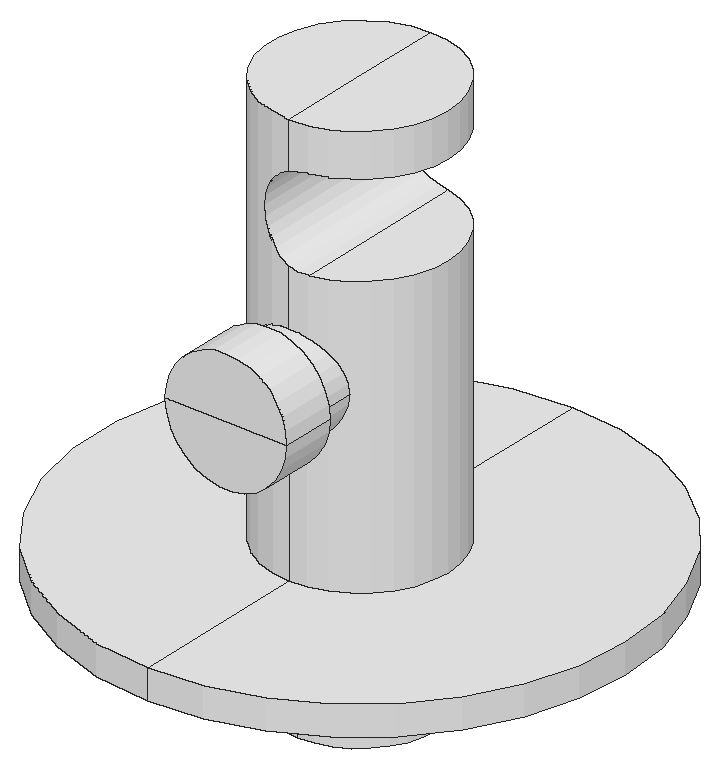
Revit family "ShowerOutletMixer-(Built-inHandShowerOutletMixerExposedpart)-Vitra-OriginSeries-A42625", category Plumbing Fixtures, host Face, Revit 2017
Family settings
  Host = Face
  Round Connector Dimension = Use Diameter
  Part Type = Normal
  OmniClass Number = 23.45.55.17
  OmniClass Title = Mixing Faucets
  Cut with Voids When Loaded = No
  Shared = Yes
  Room Calculation Point = No
Parameters (values of type "ShowerMixer(Built-in)-Vitra-OriginSeries(Chrome)-A42625")
  Youtube = "https://www.youtube.com/user/VitrAglobal"
  Weight Net (kg) = "0.5"
  Waste Connection = no
  Warranty Period (Year) = "10 Years"
  Vent Connection = no
  Uniformat II Description = "Plumbing Fixture"
  Uniformat II Code = "22 40 00"
  Uniclass 2015 Name = "Bath taps"
  Uniclass 2015 Code = "Pr_40_20_87_09"
  Uniclass 2.0 Description = "Bath taps"
  Uniclass 2.0 Code = "Pr_40_20_87_09"
  Uniclass 1.4 Description = "Mixer taps"
  Uniclass 1.4 Code = "L725111"
  URL = "https://vitraglobal.com/"
  UNSPSC Description = ""
  UNSPSC Code = ""
  Test Pressure = "16 bar"
  Technical description = "https://www.vitra.com.tr/pdf/A42625/"
  Tap hole Options (default) = ""
  Specification = ""
  Region South America = "All"
  Region Oceania = "All"
  Region North America = "All"
  Region Middle East = "All"
  Region Europe = "All"
  Region Asia = "All"
  Region Antarctica = "All"
  Region Africa = "All"
  Range of flow pressure = "1 - 5 bar"
  Range of Hot Water Supply = "5 - 65 °C"
  Product url = ""
  Product manual = ""
  Product group = "Shower Mixer (exposed part)"
  Product family = "Origin"
  Product data url = "https://www.vitra.com.tr/armaturler/yikanma-alani-bataryalari/cikis-uclari/ankastre-el-dusu-cikisi-sku-A42625/"
  Product certification = "https://www.vitraglobal.com/brochures/"
  Product Type = "Built-in shower mixer (exposed part)"
  Product SKU = "A42625"
  Product Properties = "Energy Saving"
  Product Guid = ""
  OmniClass Description = "Mixing Faucets"
  OmniClass Code = "23.45.55.17"
  Number Of Connections = "1"
  Nominal Width (mm) = 90 mm
  Nominal Height (mm) = 90 mm
  Nominal Depth (mm) = 75.048 mm
  NBS Referans Description = "Water supply fittings for baths"
  NBS Referans Code = "45-35-70/315"
  Mounting type = "Wall Mounted"
  Model = "A42625"
  Min. flow pressure of = "0.5 bar"
  Masterformat 2014 Description = "Plumbing Fixtures"
  Masterformat 2014 Code = "22 40 00"
  Manufacturer name = "VitrA"
  Manufacturer = "VitrA"
  Main Material = "Brass"
  Installation instructions = ""
  IFC Classification = "Sanitary Terminal"
  Hot Water temperature, factory set to = "38 °C"
  Hot Water Supply (max.) = "80 °C"
  Help = ""
  HW Connection = yes
  GTIP code = ""
  Flow Rate(L/min. - 3 bar) = ""
  Features = ""
  EAN code = ""
  Design country = "Turkey"
  Description = "Origin hand shower holder with hand shower connection"
  Default Elevation = 850 mm
  Connection Diameter (mm) = 15 mm
  Color = "Chrome"
  Coating Material = Chrome
  Calculated flow = ""
  CW Connection = yes
  COBIe Type Category = ""
  Brand = "VitrA"
  BIMobject category = "Bath/Shower Mixer"
  Article No. (default) = "A42625"
  Approvals = ""
  ApplicationType = ""
  Accessories (default) = ""
Types (4, lengths in mm): name | Technical description | Product data url | Product SKU | Number Of Connections | Model | Color | Coating Material | Article No. (default)
  ShowerMixer(Built-in)-Vitra-OriginSeries(MatteBlack)-A4262536 | "https://www.vitra.com.tr/pdf/A4262536/" | "https://www.vitra.com.tr/armaturler/yikanma-alani-bataryalari/cikis-uclari/ankastre-el-dusu-cikisi-sku-A4262536/" | "A4262536" | "2" | "A4262536" | "Matte Black" | Matte Black | "A4262536"
  ShowerMixer(Built-in)-Vitra-OriginSeries(Nickel)-A4262534 | "https://www.vitra.com.tr/pdf/A4262534/" | "https://www.vitra.com.tr/armaturler/yikanma-alani-bataryalari/cikis-uclari/ankastre-el-dusu-cikisi-sku-A4262534/" | "A4262534" | "2" | "A4262534" | "Nickel" | Nickel | "A4262534"
  ShowerMixer(Built-in)-Vitra-OriginSeries(BrightCopper)-A4262526 | "https://www.vitra.com.tr/pdf/A4262526/" | "https://www.vitra.com.tr/armaturler/yikanma-alani-bataryalari/cikis-uclari/ankastre-el-dusu-cikisi-sku-A4262526/" | "A4262526" | "2" | "A4262526" | "Bright Copper" | BrightCopper | "A4262526"
  ShowerMixer(Built-in)-Vitra-OriginSeries(Chrome)-A42625 | "https://www.vitra.com.tr/pdf/A42625/" | "https://www.vitra.com.tr/armaturler/yikanma-alani-bataryalari/cikis-uclari/ankastre-el-dusu-cikisi-sku-A42625/" | "A42625" | "1" | "A42625" | "Chrome" | Chrome | "A42625"
Reference planes
  plane 1 "Center (Front/Back)": y = 0
  plane 2: z = 0
  plane 3 "Center (Left/Right)": x = 0
  plane 4: x = 45
  plane 5: x = -45
  plane 6: y = 44.961
  plane 7: y = -45.039
  plane 8: z = 75.048
Forms (mm)
  Revolve 1, solid, material "Chrome" <- "Coating Material", detail levels medium+fine
    sketch origin (0, 0, 0) x (0, 1, 0) y (0, 0, 1)
      loop
        line (14.97, 75.048) -> (-0.039, 75.048) -> (-0.039, -19.552) -> (13.061, -19.552) -> (13.061, -11.052) -> (12.187, -11.052) -> (12.187, -8.552) -> (17.926, -8.552) -> (17.926, 2.048) -> (42.461, 2.048) -> (42.461, 0.048) -> (44.961, 0.048) -> (44.961, 5.048) -> (14.97, 5.048) -> (14.97, 75.048)
      axis (-0.039, 75.048) -> (-0.039, -19.552)
    angle from 0 to 360
  Revolve 2, solid, material "Chrome" <- "Coating Material", detail levels medium+fine
    sketch origin (0, 0, 35.074) x (1, 0, 0) y (0, 1, 0)
      loop
        line (-0.026, -28.339) -> (10.299, -28.339) -> (10.299, -19.339) -> (8.234, -19.339) -> (8.234, -6.226) -> (-0.026, -6.226) -> (-0.026, -28.339)
      axis (-0.026, -6.226) -> (-0.026, -28.339)
    angle from 0 to 360
  Extrusion 3, void
    sketch origin (0, 0, 0) x (1, 0, 0) y (0, 0, 1)
      loop
        line (21.258, 67.783) -> (3, 67.783)
        arc (3, 67.783) -> (-4.739, 60.044) -> (3, 52.305) r 7.739
        line (3, 52.305) -> (21.258, 52.305) -> (21.258, 67.783)
    from -24.433 to 23.658
  Extrusion 4, solid, detail levels coarse
    sketch origin (0, 0, 0) x (1, 0, 0) y (0, 1, 0)
      loop
        circle (0, -0.039) r 45
    from 0 to 75.048
Cuts and joins
  Extrusion 3 cuts Revolve 1
  joined: Revolve 1, Revolve 2
Dimensions and locks
  "Nominal Width (mm)": plane 5 to plane 4
  "Nominal Height (mm)": plane 6 to plane 7
  "Nominal Depth (mm)": plane 8 to host face
  aligned and locked: plane 2 to host face
  aligned and locked: level to host face
Automatic sketch dimensions
  host sketch curve to host sketch curve = 2438.4 mm  (x2)
  Revolve 1 sketch curve to plane 6 = 0 mm
  level to Revolve 1 sketch curve = 0.048 mm
  Revolve 1 sketch curve to Revolve 1 sketch curve = 2.5 mm  (x2)
  level to Revolve 1 sketch curve = 2.048 mm
  Revolve 1 sketch curve to plane 1 "Center (Front/Back)" = 17.926 mm
  Revolve 1 sketch curve to Revolve 1 sketch curve = 2.956 mm
  Revolve 1 sketch curve to Revolve 1 sketch curve = 4.864 mm
  Revolve 1 sketch curve to Revolve 1 sketch curve = 0.874 mm
  plane 1 "Center (Front/Back)" to Revolve 1 sketch curve = 0.039 mm  (x2)
  Revolve 1 sketch curve to level = 8.552 mm
  Revolve 1 sketch curve to Revolve 1 sketch curve = 8.5 mm
  Revolve 1 sketch curve to Revolve 1 sketch curve = 3 mm
  Revolve 1 sketch curve to Revolve 1 sketch curve = 70 mm
  level to Revolve 1 sketch curve = 15.048 mm
  Revolve 1 sketch curve to Revolve 1 sketch curve = 20 mm
  Revolve 2 sketch curve to plane 3 "Center (Left/Right)" = 0.026 mm  (x2)
  plane 3 "Center (Left/Right)" to Revolve 2 sketch curve = 8.234 mm
  Revolve 2 sketch curve to Revolve 2 sketch curve = 2.065 mm
  plane 7 to Revolve 2 sketch curve = 16.7 mm
  Revolve 2 sketch curve to Revolve 2 sketch curve = 9 mm
  plane 1 "Center (Front/Back)" to Revolve 2 sketch curve = 6.226 mm
  Revolve 2 sketch curve to Revolve 2 sketch curve = 6.764 mm
  Revolve 2 sketch curve to Revolve 2 sketch curve = 2.558 mm
  plane 3 "Center (Left/Right)" to Extrusion 3 sketch curve = 3 mm
  Extrusion 3 sketch curve to Extrusion 3 sketch curve = 18.258 mm
  level to Extrusion 3 sketch curve = 52.305 mm
  Extrusion 3 sketch curve to Extrusion 3 sketch curve = 7.739 mm
  Extrusion 4 sketch curve to Extrusion 4 sketch curve = 0 mm  (x2)
  Extrusion 4 sketch curve to plane 3 "Center (Left/Right)" = 0 mm
  Extrusion 4 sketch curve to plane 7 = 0 mm
  Extrusion 4 sketch curve to plane 6 = 0 mm
Connectors
  piping at (0, -0.039, -19.552), diameter 15, driven by "Connection Diameter (mm)"
    settings: on cut or joined group of Revolve 1, Revolve 2, Extrusion 3, index 1, connector inside diameter 609.6 mm, connector length 0 mm, flow factor 0, pipe flow 0.0 L/s, pressure drop 0.0 Pa, fitting loss kfactor 0, connector angle 0.00°, fixture units 0, engagement length 0 mm, angle of deflection 0.00°, flow configuration 0, flow direction 1, fitting loss method 0, system type 22, joint type 0, gender type 0, connector reference index -1, connector utility 0, adjustable connector no, is connector primary yes, connector description ""
